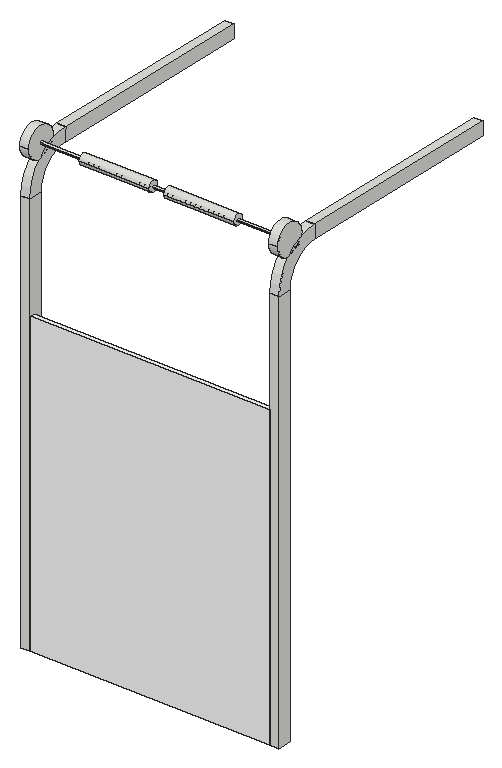
Revit family "Cruiserweight-LH", category Generic Models, host Wall, Revit 2024
Family settings
  Host = Wall
  Can host rebar = No
  Round Connector Dimension = Use Diameter
  Part Type = Normal
  Always vertical = Yes
  Cut with Voids When Loaded = Yes
  Maintain Annotation Orientation = No
  Shared = No
  Room Calculation Point = No
Parameters (values of type "8' x 10'")
  VerticalTrack = TrackHeight - (1' 6")  # 13' - 6"
  Type Comments = "Insulated"  # constant formula
  TrackWidth = 0' - 3 1/2"
  TrackHeight = OpeningHeight + HeadRoom  # 15' - 0"
  TrackDepth = 0' - 5 3/8"
  PanelSize = 2' - 0"  # constant formula
  OpeningWidth = 8' - 0"
  OpeningHeight = 10' - 0"
  Model = "Cruiserweight"  # constant formula
  Manufacturer = "TKO"  # constant formula
  HorizTrack = OpeningHeight - HeadRoom + 2' 0"  # 7' - 0"
  HeadRoom = 5' - 0"  # constant formula
  DoorThk = 0' - 1 3/4"  # constant formula
  Description = "Sectional Door"  # constant formula
  Default Elevation = 0' - 0"
Types (16): name | VerticalTrack | TrackHeight | TrackDepth | OpeningWidth | OpeningHeight | HorizTrack
  (no name) | 13' - 6" | 15' - 0" | 0' - 5 3/8" | 8' - 0" | 10' - 0" | 7' - 0"
  8' x 10' | 13' - 6" | 15' - 0" | 0' - 5 3/8" | 8' - 0" | 10' - 0" | 7' - 0"
  9' x 10' | 13' - 6" | 15' - 0" | 0' - 5 3/8" | 9' - 0" | 10' - 0" | 7' - 0"
  10' x 10' | 13' - 6" | 15' - 0" | 0' - 5 3/8" | 10' - 0" | 10' - 0" | 7' - 0"
  10' x 11' | 14' - 6" | 16' - 0" | 0' - 5 5/8" | 10' - 0" | 11' - 0" | 8' - 0"
  9' x 11' | 14' - 6" | 16' - 0" | 0' - 5 3/8" | 9' - 0" | 11' - 0" | 8' - 0"
  8' x 11' | 14' - 6" | 16' - 0" | 0' - 5 3/8" | 8' - 0" | 11' - 0" | 8' - 0"
  10' x 12' | 15' - 6" | 17' - 0" | 0' - 5 3/8" | 10' - 0" | 12' - 0" | 9' - 0"
  8' x 12' | 15' - 6" | 17' - 0" | 0' - 5 3/8" | 8' - 0" | 12' - 0" | 9' - 0"
  9' x 12' | 15' - 6" | 17' - 0" | 0' - 5 3/8" | 9' - 0" | 12' - 0" | 9' - 0"
  10' x 8' | 11' - 6" | 13' - 0" | 0' - 5 3/8" | 10' - 0" | 8' - 0" | 5' - 0"
  10' x 9' | 12' - 6" | 14' - 0" | 0' - 5 3/8" | 10' - 0" | 9' - 0" | 6' - 0"
  8' x 9' | 12' - 6" | 14' - 0" | 0' - 5 3/8" | 8' - 0" | 9' - 0" | 6' - 0"
  8' x 8' | 11' - 6" | 13' - 0" | 0' - 5 3/8" | 8' - 0" | 8' - 0" | 5' - 0"
  9' x 9' | 12' - 6" | 14' - 0" | 0' - 5 3/8" | 9' - 0" | 9' - 0" | 6' - 0"
  9' x 8' | 12' - 6" | 14' - 0" | 0' - 5 3/8" | 9' - 0" | 9' - 0" | 6' - 0"
Reference planes (in)
  plane 1: y = 0
  plane 2 "Center (Left/Right)": x = 0
  plane 3 "Wall Edge": y = 3
  plane 4: x = -48
  plane 5: x = 48
  plane 6: z = 120
  plane 7: y = 3
  plane 8: y = 4.75
  plane 9: z = 24
  plane 10: z = 48
  plane 11: z = 72
  plane 12: x = -51.5
  plane 13: x = 51.5
  plane 14: y = 8.375
  plane 15: z = 180
  plane 16: z = 96
  plane 17: z = 120
  plane 18: x = -3
  plane 19: x = 3
  plane 20: x = 31
  plane 21: x = -31
  plane 22: z = 162
  plane 23: y = 21
  plane 24: y = 105
Forms (in)
  Extrusion 1, void
    sketch origin (0, 3, 0) x (1, 0, 0) y (0, 0, 1)
      loop
        line (48, 120) -> (-48, 120) -> (-48, 0) -> (48, 0) -> (48, 120)
    from 0 to 6
  Extrusion 2, solid, material "DOOR PANEL"
    sketch origin (0, 0, 0) x (1, 0, 0) y (0, 1, 0)
      loop
        line (-48, 4.75) -> (-48, 3) -> (48, 3) -> (48, 4.75) -> (-48, 4.75)
    from 0 to 120
  Extrusion 3, solid, material "Steel"
    sketch origin (0, 0, 0) x (1, 0, 0) y (0, 1, 0)
      loop
        line (-51.5, 8.375) -> (-51.5, 3) -> (-48, 3) -> (-48, 8.375) -> (-51.5, 8.375)
      loop
        line (48, 8.375) -> (48, 3) -> (51.5, 3) -> (51.5, 8.375) -> (48, 8.375)
    from 0 to 162
  Extrusion 4, solid, material "Steel"
    sketch origin (0, 0, 0) x (0, 1, 0) y (0, 0, 1)
      loop
        circle (8.375, 180) r 6
    from 48 to 51.5
  Extrusion 5, solid, material "Steel"
    sketch origin (-3.5, 0, 21.84521) x (0, 1, 0) y (0, 0, -1)
      loop
        circle (8.375, -158.15479) r 6
    from 44.5 to 48
  Extrusion 6, solid, material "Steel"
    sketch origin (0, 0, 0) x (0, 1, 0) y (0, 0, 1)
      loop
        circle (8.375, 180) r 0.5
    from -48 to 48
  Extrusion 7, solid, material "Steel"
    sketch origin (0, 0, 0) x (0, 1, 0) y (0, 0, 1)
      loop
        circle (8.375, 180) r 2
    from 3 to 31
  Extrusion 8, solid, material "Steel"
    sketch origin (0, 0, 0) x (0, 1, 0) y (0, 0, -1)
      loop
        circle (8.375, -180) r 2
    from 3 to 31
  Extrusion 9, solid, material "Steel"
    sketch origin (0, 0, 0) x (0, 1, 0) y (0, 0, 1)
      loop
        line (3, 162) -> (8.375, 162)
        arc (8.375, 162) -> (12.07278, 170.92722) -> (21, 174.625) r 12.625
        line (21, 174.625) -> (21, 180)
        arc (21, 180) -> (8.27208, 174.72792) -> (3, 162) r 18
    from 48 to 51.5
  Extrusion 10, solid, material "Steel"
    sketch origin (0, 0, 0) x (0, 1, 0) y (0, 0, -1)
      loop
        arc (3, -162) -> (8.27208, -174.72792) -> (21, -180) r 18
        line (21, -180) -> (21, -174.625)
        arc (21, -174.625) -> (12.07278, -170.92722) -> (8.375, -162) r 12.625
        line (8.375, -162) -> (3, -162)
    from 48 to 51.5
  Extrusion 11, solid, material "Steel"
    sketch origin (0, 3, 0) x (1, 0, 0) y (0, 0, 1)
      loop
        line (-51.5, 180) -> (-51.5, 174.625) -> (-48, 174.625) -> (-48, 180) -> (-51.5, 180)
      loop
        line (51.5, 180) -> (48, 180) -> (48, 174.625) -> (51.5, 174.625) -> (51.5, 180)
    from -102 to -18
Cuts and joins
  joined: Extrusion 3, Extrusion 4, Extrusion 5
Lines and regions (in)
  model lines
    curve 1: line (48, 3, 24) -> (-48, 3, 24)
    curve 2: line (-48, 3, 48) -> (48, 3, 48)
    curve 3: line (48, 3, 72) -> (-48, 3, 72)
    curve 4: line (48, 3, 96) -> (-48, 3, 96)
    curve 5: line (48, 3, 120) -> (-48, 3, 120)
Text (in)
  text "Placement Side" at (0, 40.15149, 123.01588), in view "Right"
  text "Placement Side" at (-70.3804, 83.26548, 0), in view "Ref. Level"
  text "Placement Side" at (0, 81.62555, 140.59947), in view "Left"
Dimensions and locks (in)
  locked: plane 3 "Wall Edge" to host wall
  equal spacing: plane 5, plane 2 "Center (Left/Right)", plane 4
  "OpeningWidth": plane 5 to plane 4
  "DoorThk": plane 7 to plane 8
  "TrackDepth": plane 14 to plane 7
  "TrackWidth": plane 12 to plane 4
  "TrackWidth": plane 5 to plane 13
  "PanelSize": plane 9 to level
  equal spacing: plane 17, plane 16, plane 11, plane 10, plane 9, level
  "OpeningHeight": level to plane 6
  equal spacing: plane 18, plane 2 "Center (Left/Right)", plane 19, locked at 3 each
  locked: plane 21 to plane 18 at 28
  locked: plane 19 to plane 20 at 28
  "VerticalTrack": level to plane 22
  "HeadRoom": plane 6 to plane 15
  locked: plane 7 to plane 23 at 18
  "HorizTrack": plane 24 to plane 23
  radius of Extrusion 4 sketch curve = 0' - 6"
  radius of Extrusion 5 sketch curve = 0' - 6"
  radius of Extrusion 6 sketch curve = 0' - 0 1/2"
  radius of Extrusion 7 sketch curve = 0' - 2"
  radius of Extrusion 8 sketch curve = 0' - 2"
  radius of Extrusion 9 sketch curve = 1' - 6"
  radius of Extrusion 9 sketch curve = 1' - 0 5/8"
  radius of Extrusion 10 sketch curve = 1' - 6"
  radius of Extrusion 10 sketch curve = 1' - 0 5/8"
  aligned and locked: host wall to plane 7
  aligned and locked: Extrusion 1 sketch curve to plane 5
  aligned and locked: Extrusion 1 sketch curve to plane 4
  aligned and locked: Extrusion 1 to plane 7
  aligned and locked: host wall to Extrusion 1
  aligned and locked: Extrusion 2 to plane 3 "Wall Edge"
  aligned and locked: plane 8 to Extrusion 2
  aligned and locked: Extrusion 2 to plane 6
  aligned and locked: Extrusion 3 sketch curve to plane 14  (x2)
  aligned and locked: Extrusion 3 sketch curve to plane 12
  aligned and locked: curve 1 to Extrusion 3 sketch curve
  aligned and locked: plane 5 to Extrusion 3 sketch curve
  aligned and locked: Extrusion 3 sketch curve to plane 7
  aligned and locked: Extrusion 3 sketch curve to plane 13
  aligned and locked: plane 15 to Extrusion 4 sketch curve
  aligned and locked: Extrusion 3 to Extrusion 4 sketch curve
  aligned and locked: Extrusion 4 to plane 13
  aligned and locked: Extrusion 4 to plane 5
  aligned and locked: plane 4 to Extrusion 5
  aligned and locked: Extrusion 5 to plane 12
  aligned and locked: curve 2 to plane 10
  aligned and locked: curve 3 to plane 11
  aligned and locked: curve 1 to plane 9
  aligned and locked: cut or joined group of Extrusion 3, Extrusion 4, Extrusion 5 to Extrusion 6 sketch curve
  aligned and locked: plane 5 to Extrusion 6
  aligned and locked: Extrusion 6 to plane 4
  aligned and locked: cut or joined group of Extrusion 3, Extrusion 4, Extrusion 5 to level
  aligned and locked: Extrusion 2 to level
  aligned and locked: curve 4 to plane 16
  aligned and locked: curve 5 to plane 17
  aligned and locked: level to Extrusion 2
  aligned and locked: Extrusion 1 sketch curve to level
  aligned and locked: Extrusion 1 sketch curve to plane 6
  aligned and locked: plane 15 to Extrusion 7 sketch curve
  aligned and locked: plane 14 to Extrusion 7 sketch curve
  aligned and locked: Extrusion 7 to plane 20
  aligned and locked: plane 19 to Extrusion 7
  aligned and locked: Extrusion 8 to plane 18
  aligned and locked: plane 21 to Extrusion 8
  aligned and locked: plane 15 to Extrusion 8 sketch curve
  aligned and locked: Extrusion 8 sketch curve to plane 14
  aligned and locked: plane 22 to cut or joined group of Extrusion 3, Extrusion 4, Extrusion 5
  aligned and locked: Extrusion 9 sketch curve to cut or joined group of Extrusion 3, Extrusion 4, Extrusion 5
  aligned and locked: plane 23 to Extrusion 9 sketch curve
  aligned and locked: plane 22 to Extrusion 9 sketch curve
  aligned and locked: Extrusion 9 sketch curve to plane 23
  aligned and locked: cut or joined group of Extrusion 3, Extrusion 4, Extrusion 5 to Extrusion 9
  aligned and locked: Extrusion 9 to plane 5
  aligned and locked: plane 4 to Extrusion 10
  aligned and locked: plane 13 to Extrusion 9
  aligned and locked: plane 5 to Extrusion 9
  aligned and locked: Extrusion 11 sketch curve to Extrusion 10  (x4)
  aligned and locked: Extrusion 11 sketch curve to Extrusion 9  (x3)
  aligned and locked: Extrusion 9 to Extrusion 11 sketch curve
  aligned and locked: plane 24 to Extrusion 11
  aligned and locked: Extrusion 11 to plane 23
  aligned and locked: Extrusion 10 to plane 12
  aligned and locked: Extrusion 10 to plane 4
  aligned and locked: Extrusion 2 to plane 4
  aligned and locked: Extrusion 2 to plane 5
  aligned and locked: plane 15 to Extrusion 5 sketch curve
  aligned and locked: cut or joined group of Extrusion 3, Extrusion 4, Extrusion 5 to plane 4
Automatic sketch dimensions
  Extrusion 2 sketch curve to host wall = 0' - 0"
  Extrusion 2 sketch curve to plane 4 = 0' - 0"
  plane 5 to Extrusion 2 sketch curve = 0' - 0"
  Extrusion 2 sketch curve to plane 8 = 0' - 0"
  curve 3 to plane 4 = 0' - 0"
  curve 1 to plane 4 = 0' - 0"
  curve 2 to plane 4 = 0' - 0"
  curve 4 to plane 4 = 0' - 0"
  curve 5 to plane 4 = 0' - 0"
  curve 4 to plane 5 = 0' - 0"
  curve 2 to plane 5 = 0' - 0"
  curve 5 to plane 5 = 0' - 0"
  curve 1 to plane 5 = 0' - 0"
  curve 3 to plane 5 = 0' - 0"
  plane 4 to Extrusion 3 sketch curve = 0' - 0"
  Extrusion 3 sketch curve to plane 13 = 0' - 0"
  Extrusion 6 sketch curve to plane 15 = 0' - 0"
  Extrusion 10 sketch curve to Extrusion 10 sketch curve = 0' - 0"  (x2)
  Extrusion 10 sketch curve to host wall = 0' - 0"
  Extrusion 10 sketch curve to plane 15 = 0' - 0"
  Extrusion 5 sketch curve to plane 14 = 0' - 0"
